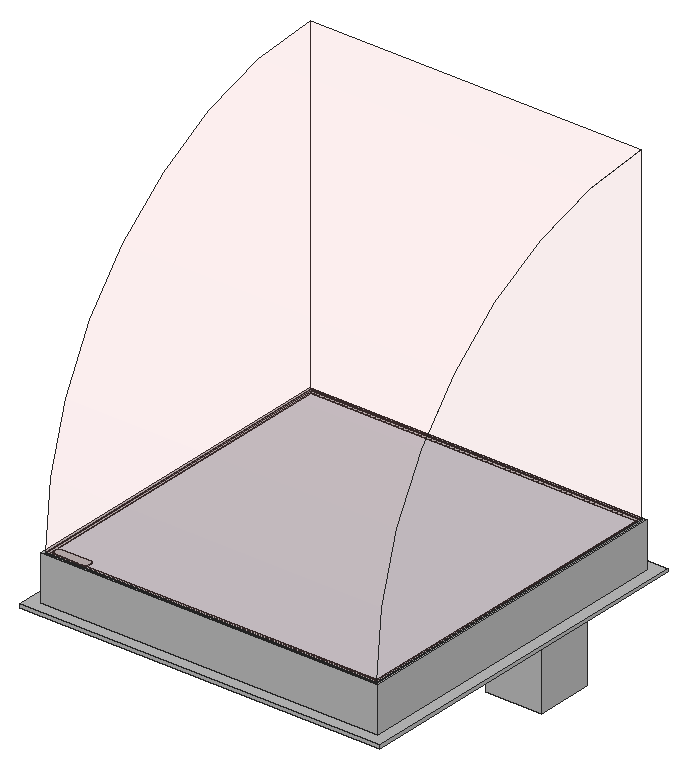
Revit family "Door_Access_Floor_Acudor_FT-8050-Tile", category Generic Models, host Face, Revit 2020
Family settings
  Host = Face
  Can host rebar = No
  Round Connector Dimension = Use Diameter
  Part Type = Normal
  Cut with Voids When Loaded = No
  Shared = No
  Room Calculation Point = No
Parameters
  halfswing = (Door Width / 2)  # 1' - 2 3/4"
  Warranty Duration (Years) = 0
  Unit Width = 2' - 0"
  Unit Weight = 0
  Unit Height = 2' - 0"
  Unit Depth = if(Unit Width < 4' 0", 0' 4 1/4", 0' 5")  # 0' - 4 1/4"
  URL = "http://www.acudor.com/"
  Test Data = ""
  Swing Clearance Visible [instance] = yes
  Standards Conformance = "as Specified"
  Specification = ""
  SpecWizard = ""
  SingleSwing [instance] = and(Single Leaf, Swing Clearance Visible)  # yes
  Single Leaf = Unit Width < 4' 0"  # yes
  Send Message = ""
  Sales Information = "http://www.acudor.com/contactus"
  Revision = "R1_2017-03"
  Product Properties = ""
  Product Data = "http://www.arcat.com/arcatcos/cos30/arc30126.html"
  Overall Width = 2' - 8"
  Overall Height = 2' - 8"
  Opening Width = Unit Width  # 2' - 0"
  Opening Height = Unit Height  # 2' - 0"
  Opening Depth [instance] = 1' - 0"
  Model = "As Specified"
  Manufacturer Website = "http://www.acudor.com/"
  Manufacturer Phone - Toll Free = "800-722-0501"
  Manufacturer Phone = "973-575-5120"
  Manufacturer Fax = "973-575-5160"
  Manufacturer Address = "80 Little Falls Rd.  Fairfield, NJ 07004"
  Manufacturer = "Acudor Products Inc"
  Maintenance Schedule (Months) = 0
  Keynote = ""
  Installation-Fabrication = ""
  Installation Phase = ""
  Green Building-LEED = "http://www.arcat.com/green/clients/leed_data_30126.html"
  Floor Material [instance] = none
  Fixture Finish [instance] = Metal - Acudor - Aluminum
  Expected Lifespan (Years) = 0
  Drawn By = "Sumex Design, Inc. / Robert S. Weygant, CSI, CDT, SCIP"
  DoubleSwing [instance] = and(Double Leaf, Swing Clearance Visible)  # no
  Double Leaf = not(Single Leaf)  # no
  Door Width = Overall Width - (0' 1 1/4" * 2)  # 2' - 5 1/2"
  Door Height = Overall Height - (0' 1 1/4" * 2)  # 2' - 5 1/2"
  Description = "Acudor Product as Specified"
  Default Elevation = 0' - 0"  # constant formula
  Copyright = "©Arcat Inc."
  Construction Details = ""
  Clearance Material [instance] = ARCAT Clearance
  Clear Opening Width = 1' - 8"
  Clear Opening Height = 2' - 0"
  Capacity = "as Specified"
  Available Options [instance] = "as Specified"
  Assembly Code = ""
Reference planes (in)
  plane 1 "Center (Front/Back)": y = 1.28343
  plane 2: z = 0
  plane 3 "Center (Left/Right)": x = 0
  plane 4: y = 13.28343
  plane 5: y = -10.71657
  plane 6: x = -12
  plane 7: x = 12
  plane 8: z = 0
  plane 9: y = 17.28343
  plane 10: y = -14.71657
  plane 11: x = -16
  plane 12: x = 16
  plane 13: z = -4.25
  plane 14: x = -12
  plane 15: x = 12
  plane 16: y = 13.28343
  plane 17: y = -10.71657
  plane 18: z = -12
  plane 19: y = -13.46657
  plane 20: y = 16.03343
  plane 21: x = -14.75
  plane 22: x = 14.75
Forms (in)
  Extrusion 1, void
    sketch origin (0, 0, 0) x (1, 0, 0) y (0, 1, 0)
      loop
        line (-12, 13.28343) -> (-12, -10.71657) -> (12, -10.71657) -> (12, 13.28343) -> (-12, 13.28343)
    from -12 to 0
  Sweep 2, solid, material "Metal - Acudor - Aluminum" <- "Fixture Finish"
    path origin (0, 0, 0) x (1, 0, 0) y (0, 1, 0)
      loop
        line (-16, 17.28343) -> (-16, -14.71657) -> (16, -14.71657) -> (16, 17.28343) -> (-16, 17.28343)
    profile origin (0, 17.28343, 0) x (0, 1, 0) y (0, 0, 1)
      loop
        line (-4, -1) -> (-4, -4.25) -> (0, -4.25) -> (0, -4) -> (-1, -4) -> (-1, 0) -> (-1.25, 0) -> (-1.25, -4) -> (-3.75, -4) -> (-3.75, -1) -> (-4, -1)
  Extrusion 3, solid, material "Metal - Acudor - Aluminum" <- "Fixture Finish", visible <- "Single Leaf"
    sketch origin (0, 0, 0) x (1, 0, 0) y (0, 1, 0)
      loop
        line (-14.75, 16.03343) -> (-14.75, -13.46657) -> (14.75, -13.46657) -> (14.75, 16.03343) -> (-14.75, 16.03343)
      loop
        line (14.5, 15.78343) -> (-14.5, 15.78343) -> (-14.5, -13.21657) -> (14.5, -13.21657) -> (14.5, 15.78343)
    from 0 to -0.25
  Extrusion 4, solid, material "Metal - Acudor - Aluminum" <- "Fixture Finish", visible <- "Single Leaf"
    sketch origin (0, 0, 0) x (1, 0, 0) y (0, 1, 0)
      loop
        line (-14.5, 15.78343) -> (-14.5, -13.21657) -> (14.5, -13.21657) -> (14.5, 15.78343) -> (-14.5, 15.78343)
    from -1 to -0.25
  Extrusion 5, solid, material "Metal - Acudor - Aluminum" <- "Fixture Finish", visible <- "Double Leaf"
    sketch origin (0, 0, 0) x (1, 0, 0) y (0, 1, 0)
      loop
        line (-14.75, 16.03343) -> (-14.75, -13.46657) -> (0, -13.46657) -> (0, 16.03343) -> (-14.75, 16.03343)
      loop
        line (-14.5, -13.21657) -> (-0.25, -13.21657) -> (-0.25, 15.78343) -> (-14.5, 15.78343) -> (-14.5, -13.21657)
    from 0 to -0.25
  Extrusion 6, solid, material "Metal - Acudor - Aluminum" <- "Fixture Finish", visible <- "Double Leaf"
    sketch origin (0, 0, 0) x (-1, 0, 0) y (0, -1, 0)
      loop
        line (-14.75, -16.03343) -> (0, -16.03343) -> (0, 13.46657) -> (-14.75, 13.46657) -> (-14.75, -16.03343)
      loop
        line (-14.5, 13.21657) -> (-14.5, -15.78343) -> (-0.25, -15.78343) -> (-0.25, 13.21657) -> (-14.5, 13.21657)
    from 0 to -0.25
  Extrusion 7, solid, material "Metal - Acudor - Aluminum" <- "Fixture Finish", visible <- "Double Leaf"
    sketch origin (0, 0, 0) x (1, 0, 0) y (0, 1, 0)
      loop
        line (-14.5, 15.78343) -> (-14.5, -13.21657) -> (0, -13.21657) -> (0, 15.78343) -> (-14.5, 15.78343)
    from -1 to -0.25
  Extrusion 8, solid, material "Metal - Acudor - Aluminum" <- "Fixture Finish", visible <- "Double Leaf"
    sketch origin (0, 0, 0) x (-1, 0, 0) y (0, -1, 0)
      loop
        line (-14.5, -15.78343) -> (0, -15.78343) -> (0, 13.21657) -> (-14.5, 13.21657) -> (-14.5, -15.78343)
    from -1 to -0.25
  Extrusion 9, solid, material "ARCAT Clearance" <- "Clearance Material", visible <- "DoubleSwing"
    sketch origin (0, 1.28343, 0) x (1, 0, 0) y (0, 0, 1)
      loop
        line (-14.75, 0) -> (0, 0)
        arc (0, 0) -> (-4.32017, 10.42983) -> (-14.75, 14.75) r 14.75
        line (-14.75, 14.75) -> (-14.75, 0)
    from -14.75 to 14.75
  Extrusion 10, solid, material "ARCAT Clearance" <- "Clearance Material", visible <- "DoubleSwing"
    sketch origin (0, 1.28343, 0) x (-1, 0, 0) y (0, 0, -1)
      loop
        arc (-14.75, -14.75) -> (-4.32017, -10.42983) -> (0, 0) r 14.75
        line (0, 0) -> (-14.75, 0) -> (-14.75, -14.75)
    from -14.75 to 14.75
  Sweep 11, void
    path origin (0, 0, 0) x (1, 0, 0) y (0, 1, 0)
      loop
        line (-16, 17.28343) -> (-16, -14.71657) -> (16, -14.71657) -> (16, 17.28343) -> (-16, 17.28343)
    profile origin (0, 17.28343, 0) x (0, 1, 0) y (0, 0, 1)
      loop
        line (0, -4.25) -> (0, -4) -> (-1, -4) -> (-1, 0) -> (-4, 0) -> (-4, -4.25) -> (0, -4.25)
  Extrusion 12, solid, material "Metal - Acudor - Aluminum" <- "Fixture Finish", visible <- "Single Leaf"
    sketch origin (0, 0, 0) x (1, 0, 0) y (0, 1, 0)
      loop
        arc (-14.11848, -12.45158) -> (-14.29526, -12.5248) -> (-14.36848, -12.70158) r 0.25
        line (-14.36848, -12.70158) -> (-14.36848, -12.96657)
        arc (-14.36848, -12.96657) -> (-14.29526, -13.14335) -> (-14.11848, -13.21657) r 0.25
        line (-14.11848, -13.21657) -> (-11.55598, -13.21657)
        arc (-11.55598, -13.21657) -> (-11.37921, -13.14335) -> (-11.30598, -12.96657) r 0.25
        line (-11.30598, -12.96657) -> (-11.30598, -12.70158)
        arc (-11.30598, -12.70158) -> (-11.37921, -12.5248) -> (-11.55598, -12.45158) r 0.25
        line (-11.55598, -12.45158) -> (-14.11848, -12.45158)
    from 0 to -0.25
  Extrusion 13, solid, material "Metal - Acudor - Aluminum" <- "Fixture Finish", visible <- "Single Leaf"
    sketch origin (0, 0, 0) x (1, 0, 0) y (0, 1, 0)
      loop
        line (-12, 13.28343) -> (-12, 8.28343) -> (-7, 8.28343) -> (-7, 13.28343) -> (-12, 13.28343)
      loop
        line (12, 13.28343) -> (7, 13.28343) -> (7, 8.28343) -> (12, 8.28343) -> (12, 13.28343)
    from -4.25 to -13
  Extrusion 14, solid, material "Metal - Acudor - Aluminum" <- "Fixture Finish", visible <- "Double Leaf"
    sketch origin (16.86525, 0.55839, 0) x (1, 0, 0) y (0, 1, 0)
      loop
        arc (-14.11848, -12.45158) -> (-14.29526, -12.5248) -> (-14.36848, -12.70158) r 0.25
        line (-14.36848, -12.70158) -> (-14.36848, -12.96657)
        arc (-14.36848, -12.96657) -> (-14.29526, -13.14335) -> (-14.11848, -13.21657) r 0.25
        line (-14.11848, -13.21657) -> (-11.55598, -13.21657)
        arc (-11.55598, -13.21657) -> (-11.37921, -13.14335) -> (-11.30598, -12.96657) r 0.25
        line (-11.30598, -12.96657) -> (-11.30598, -12.70158)
        arc (-11.30598, -12.70158) -> (-11.37921, -12.5248) -> (-11.55598, -12.45158) r 0.25
        line (-11.55598, -12.45158) -> (-14.11848, -12.45158)
    from 0 to -0.25
  Extrusion 15, solid, material <- "Floor Material", visible <- "Double Leaf"
    sketch origin (0, 0, 0) x (1, 0, 0) y (0, 1, 0)
      loop
        line (-14.5, 15.78343) -> (-14.5, -13.21657) -> (-0.25, -13.21657) -> (-0.25, 15.78343) -> (-14.5, 15.78343)
      loop
        line (0.25, -13.21657) -> (14.5, -13.21657) -> (14.5, 15.78343) -> (0.25, 15.78343) -> (0.25, -13.21657)
    from 0 to -0.25
  Extrusion 16, solid, material <- "Floor Material", visible <- "Single Leaf"
    sketch origin (0, 0, 0) x (1, 0, 0) y (0, 1, 0)
      loop
        line (-14.5, 15.78343) -> (-14.5, -13.21657) -> (14.5, -13.21657) -> (14.5, 15.78343) -> (-14.5, 15.78343)
    from 0 to -0.25
  Extrusion 17, solid, material "ARCAT Clearance" <- "Clearance Material", visible <- "SingleSwing"
    sketch origin (0, 0, 0) x (0, 1, 0) y (0, 0, 1)
      loop
        arc (16.03343, 29.5) -> (-4.82622, 20.85965) -> (-13.46657, 0) r 29.5
        line (-13.46657, 0) -> (16.03343, 0) -> (16.03343, 29.5)
    from -14.75 to 14.75
  Extrusion 18, solid, material "Metal - Acudor - Aluminum" <- "Fixture Finish", visible <- "Double Leaf"
    sketch origin (0, 0, 0) x (1, 0, 0) y (0, 1, 0)
      loop
        line (-12, 13.28343) -> (-12, 8.28343) -> (-7, 8.28343) -> (-7, 13.28343) -> (-12, 13.28343)
      loop
        line (-7, -5.71657) -> (-12, -5.71657) -> (-12, -10.71657) -> (-7, -10.71657) -> (-7, -5.71657)
      loop
        line (12, 13.28343) -> (7, 13.28343) -> (7, 8.28343) -> (12, 8.28343) -> (12, 13.28343)
      loop
        line (7, -5.71657) -> (7, -10.71657) -> (12, -10.71657) -> (12, -5.71657) -> (7, -5.71657)
    from -4.25 to -13
Lines and regions (in)
  model lines, style "GenericModelHiddenLines", visible <- "Single Leaf"
    curve 1: line (-14.75, -13.46657, 0) -> (0, 16.03343, 0)
    curve 2: line (0, 16.03343, 0) -> (14.75, -13.46657, 0)
  model lines, style "GenericModelHiddenLines", visible <- "DoubleSwing"
    curve 3: line (0, 16.03343, 0) -> (-14.75, 1.28343, 0)
    curve 4: line (-14.75, 1.28343, 0) -> (0, -13.46657, 0)
    curve 5: line (0, -13.46657, 0) -> (14.75, 1.28343, 0)
    curve 6: line (14.75, 1.28343, 0) -> (0, 16.03343, 0)
Dimensions and locks (in)
  locked: plane 8 to level
  equal spacing: plane 4, plane 1 "Center (Front/Back)", plane 5
  "Unit Height": plane 4 to plane 5
  equal spacing: plane 6, plane 3 "Center (Left/Right)", plane 7
  "Unit Width": plane 6 to plane 7
  equal spacing: plane 11, plane 3 "Center (Left/Right)", plane 12
  equal spacing: plane 9, plane 1 "Center (Front/Back)", plane 10
  "Overall Width": plane 11 to plane 12
  "Overall Height": plane 9 to plane 10
  "Unit Depth": plane 8 to plane 13
  equal spacing: plane 16, plane 1 "Center (Front/Back)", plane 17
  equal spacing: plane 14, plane 3 "Center (Left/Right)", plane 15
  "Opening Width": plane 14 to plane 15
  "Opening Height": plane 16 to plane 17
  "Opening Depth": level to plane 18
  locked: level to Sweep 11 sketch curve at 0
  Sweep 2 sketch curve to Sweep 2 sketch curve to plane 13 = 0' - 0" locked, 0' - 0 1/4" locked
  level to Sweep 2 sketch curve to Sweep 2 sketch curve = 0' - 0" locked, 0' - 1" locked
  locked: Sweep 11 sketch curve to plane 13 at 0.25
  locked: Extrusion 5 sketch curve to plane 10 at 1.25
  locked: plane 9 to Extrusion 5 sketch curve at 1.25
  locked: plane 11 to Extrusion 5 sketch curve at 1.25
  locked: Extrusion 3 sketch curve to plane 10 at 1.25
  locked: plane 9 to Extrusion 3 sketch curve at 1.25
  locked: plane 11 to Extrusion 3 sketch curve at 1.25
  locked: Extrusion 3 sketch curve to plane 12 at 1.25
  locked: plane 9 to Extrusion 6 sketch curve at 1.25
  locked: Extrusion 6 sketch curve to plane 12 at 1.25
  locked: Extrusion 6 sketch curve to plane 10 at 1.25
  locked: plane 14 to Extrusion 13 sketch curve at 5
  locked: plane 16 to Extrusion 13 sketch curve at 5  (x2)
  locked: Extrusion 13 sketch curve to plane 15 at 5
  plane 11 to Extrusion 12 sketch curve to Extrusion 12 sketch curve = 0' - 1.63152" locked, 0' - 3 1/16" locked
  Extrusion 12 sketch curve to Extrusion 12 sketch curve to plane 10 = 0' - 0.76499" locked, 0' - 1 1/2" locked
  locked: Extrusion 8 sketch curve to plane 10 at 1.5
  locked: plane 9 to Extrusion 8 sketch curve at 1.5
  locked: Extrusion 8 sketch curve to plane 12 at 1.5
  locked: plane 9 to Extrusion 4 sketch curve at 1.5
  locked: Extrusion 4 sketch curve to plane 10 at 1.5
  locked: plane 11 to Extrusion 4 sketch curve at 1.5
  locked: Extrusion 4 sketch curve to plane 12 at 1.5
  locked: plane 9 to Extrusion 7 sketch curve at 1.5
  locked: Extrusion 7 sketch curve to plane 10 at 1.5
  locked: plane 11 to Extrusion 7 sketch curve at 1.5
  locked: Extrusion 14 sketch curve to Extrusion 14 sketch curve at 3.0625
  locked: Extrusion 14 sketch curve to Extrusion 14 sketch curve at 0.76499
  locked: plane 3 "Center (Left/Right)" to Extrusion 14 sketch curve at 2.49677
  locked: Extrusion 14 sketch curve to plane 10 at 2.05839
  locked: plane 9 to Extrusion 15 sketch curve at 1.5  (x2)
  locked: plane 3 "Center (Left/Right)" to Extrusion 15 sketch curve at 0.25
  locked: Extrusion 15 sketch curve to plane 3 "Center (Left/Right)" at 0.25
  locked: Extrusion 15 sketch curve to plane 10 at 1.5  (x2)
  locked: plane 11 to Extrusion 15 sketch curve at 1.5
  locked: Extrusion 15 sketch curve to plane 12 at 1.5
  locked: plane 11 to Extrusion 16 sketch curve at 1.5
  locked: Extrusion 16 sketch curve to plane 12 at 1.5
  locked: plane 9 to Extrusion 16 sketch curve at 1.5
  locked: Extrusion 16 sketch curve to plane 10 at 1.5
  locked: Extrusion 9 sketch curve to plane 11 at 1.25
  locked: level to Extrusion 9 sketch curve at 0
  locked: plane 12 to Extrusion 10 sketch curve at 1.25
  locked: level to Extrusion 10 sketch curve at 0
  locked: plane 19 to plane 10 at 1.25
  locked: plane 9 to plane 20 at 1.25
  locked: plane 11 to plane 21 at 1.25
  locked: plane 22 to plane 12 at 1.25
  locked: Extrusion 17 sketch curve to plane 9 at 1.25
  locked: level to Extrusion 17 sketch curve at 0
  locked: Extrusion 18 sketch curve to plane 17 at 5  (x2)
  locked: plane 14 to Extrusion 18 sketch curve at 5  (x2)
  locked: plane 16 to Extrusion 18 sketch curve at 5  (x2)
  locked: Extrusion 18 sketch curve to plane 15 at 5  (x2)
  "halfswing": radius of Extrusion 9 sketch curve
  "halfswing": radius of Extrusion 10 sketch curve
  "Door Height": radius of Extrusion 17 sketch curve
  aligned and locked: host face to plane 2
  aligned and locked: host face to level
  aligned and locked: Extrusion 1 sketch curve to plane 16
  aligned and locked: plane 14 to Extrusion 1 sketch curve
  aligned and locked: plane 17 to Extrusion 1 sketch curve
  aligned and locked: Extrusion 1 sketch curve to plane 15
  aligned and locked: Extrusion 1 to plane 18
  aligned and locked: plane 8 to Extrusion 1
  aligned and locked: Sweep 2 sketch curve to plane 9
  aligned and locked: plane 11 to Sweep 2 sketch curve
  aligned and locked: plane 10 to Sweep 2 sketch curve
  aligned and locked: Sweep 2 sketch curve to plane 12
  aligned and locked: Extrusion 6 sketch curve to plane 3 "Center (Left/Right)"
  aligned and locked: Extrusion 5 sketch curve to plane 3 "Center (Left/Right)"
  aligned and locked: Extrusion 7 sketch curve to plane 3 "Center (Left/Right)"
  aligned and locked: Extrusion 8 sketch curve to plane 3 "Center (Left/Right)"
  aligned and locked: plane 10 to Sweep 11 sketch curve
  aligned and locked: Sweep 11 sketch curve to plane 12
  aligned and locked: Extrusion 13 sketch curve to plane 14
  aligned and locked: Extrusion 13 sketch curve to plane 16
  aligned and locked: Extrusion 13 sketch curve to plane 15
  aligned and locked: plane 16 to Extrusion 13 sketch curve
  aligned and locked: Extrusion 10 to plane 20
  aligned and locked: plane 19 to Extrusion 10
  aligned and locked: plane 19 to Extrusion 9
  aligned and locked: Extrusion 9 to plane 20
  aligned and locked: plane 1 "Center (Front/Back)" to curve 6
  aligned and locked: plane 22 to curve 5
  aligned and locked: plane 21 to curve 4
  aligned and locked: plane 1 "Center (Front/Back)" to curve 4
  aligned and locked: plane 3 "Center (Left/Right)" to curve 4
  aligned and locked: plane 19 to curve 5
  aligned and locked: plane 20 to curve 6
  aligned and locked: plane 3 "Center (Left/Right)" to curve 3
  aligned and locked: plane 3 "Center (Left/Right)" to curve 1
  aligned and locked: plane 20 to curve 2
  aligned and locked: Extrusion 17 to plane 22
  aligned and locked: plane 21 to Extrusion 17
  aligned and locked: Extrusion 18 sketch curve to plane 17
  aligned and locked: Extrusion 18 sketch curve to plane 15  (x2)
  aligned and locked: Extrusion 18 sketch curve to plane 14  (x2)
  aligned and locked: plane 17 to Extrusion 18 sketch curve
  aligned and locked: Extrusion 18 sketch curve to plane 16
  aligned and locked: plane 16 to Extrusion 18 sketch curve
  aligned and locked: plane 13 to Extrusion 18
  aligned and locked: plane 13 to Extrusion 13
Automatic sketch dimensions
  host sketch curve to host sketch curve = 12' - 11.75605"
  host sketch curve to host sketch curve = 12' - 7.74281"
  Sweep 2 sketch curve to profile plane = 0' - 0"
  profile plane to Sweep 2 sketch curve = 0' - 1"
  Sweep 2 sketch curve to Sweep 2 sketch curve = 0' - 0 1/4"  (x3)
  Sweep 2 sketch curve to Sweep 2 sketch curve = 0' - 2 1/2"
  Extrusion 3 sketch curve to plane 21 = 0' - 0 1/4"
  plane 22 to Extrusion 3 sketch curve = 0' - 0 1/4"
  Extrusion 3 sketch curve to plane 19 = 0' - 0 1/4"
  plane 20 to Extrusion 3 sketch curve = 0' - 0 1/4"
  Extrusion 5 sketch curve to plane 21 = 0' - 0 1/4"
  Extrusion 5 sketch curve to plane 3 "Center (Left/Right)" = 0' - 0 1/4"
  Extrusion 5 sketch curve to plane 19 = 0' - 0 1/4"
  plane 20 to Extrusion 5 sketch curve = 0' - 0 1/4"
  Extrusion 6 sketch curve to plane 22 = 0' - 0 1/4"
  Extrusion 6 sketch curve to plane 3 "Center (Left/Right)" = 0' - 0 1/4"
  plane 19 to Extrusion 6 sketch curve = 0' - 0 1/4"
  Extrusion 6 sketch curve to plane 20 = 0' - 0 1/4"
  curve 1 to Extrusion 3 = 0' - 0"  (x2)
  Extrusion 3 to curve 2 = 0' - 0"
  curve 2 to Extrusion 3 = 0' - 0"
  plane 21 to Extrusion 9 sketch curve = 0' - 0"
  plane 22 to Extrusion 10 sketch curve = 0' - 0"
  Sweep 11 sketch curve to plane 11 = 0' - 0"
  Sweep 11 sketch curve to plane 9 = 0' - 0"
  Sweep 11 sketch curve to profile plane = 0' - 0"
  profile plane to Sweep 11 sketch curve = 0' - 1"
  Sweep 11 sketch curve to Sweep 11 sketch curve = 0' - 3"
  Sweep 11 sketch curve to Sweep 11 sketch curve = 0' - 0 1/4"
  Extrusion 12 sketch curve to Extrusion 12 sketch curve = 0' - 0 1/4"  (x4)
  Extrusion 14 sketch curve to Extrusion 14 sketch curve = 0' - 0 1/4"  (x4)
  Extrusion 17 sketch curve to plane 20 = 0' - 0"
